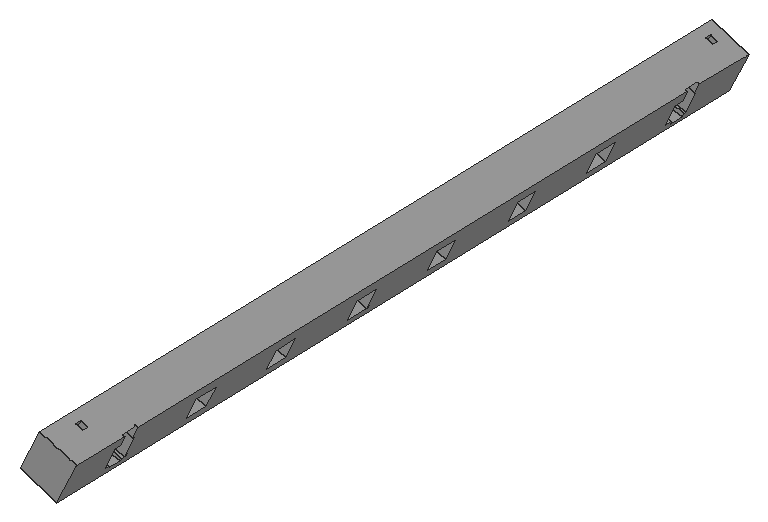
Revit family "凹右003", category 常规模型, Revit 2022
Family settings
  可将钢筋附着到主体 = 否
  圆形连接件大小 = 使用直径
  零件类型 = 标准
  基于工作平面 = 否
  总是垂直 = 是
  加载时剪切的空心 = 否
  保持注释方向 = 否
  共享 = 否
  房间计算点 = 否
Parameters
  默认高程 = 0 mm
Reference planes
  plane 1 "中心(前/后)": y = 0
  plane 2: z = 0
  plane 3 "中心(左/右)": x = 0
Forms (mm)
  Extrusion 1, solid, material "杉木"
    sketch origin (-1246.888, 24172.681, -74.959) x (-0.898794, 0, 0.438371) y (-0.438371, 0, -0.898794)
      loop
        line (-4422.843, 77.157) -> (-4682.843, 77.157) -> (-4682.843, -202.843) -> (-4422.843, -202.843) -> (-4422.843, 77.157)
    from -679.307 to 4650
  Extrusion 2, void
    sketch origin (0, 0, 0) x (1, 0, 0) y (0, 0, 1)
      loop
        line (2876.061, -1860.173) -> (2849.701, -1903.529) -> (2894.27, -1930.628) -> (2923.145, -1883.137) -> (2876.061, -1860.173)
    from -19772.94 to -19732.94
  Extrusion 3, void
    sketch origin (0, 5009.428, 0) x (1, 0, 0) y (0, 0, 1)
      loop
        line (2876.061, -1860.173) -> (2849.701, -1903.529) -> (2894.27, -1930.628) -> (2923.145, -1883.137) -> (2876.061, -1860.173)
    from -19763.2 to -19723.2
  Extrusion 4, void
    sketch origin (0, 0, 0) x (1, 0, 0) y (0, 0, 1)
      loop
        line (2787.749, -1890.196) -> (2739.71, -1988.689) -> (2857.986, -2030.346) -> (2893.993, -1928.114) -> (2787.749, -1890.196)
    from -20070.142 to -19924.175
  Extrusion 5, void
    sketch origin (0, 641.49, 0) x (1, 0, 0) y (0, 0, 1)
      loop
        line (2787.749, -1890.196) -> (2739.71, -1988.689) -> (2857.986, -2030.346) -> (2893.993, -1928.114) -> (2787.749, -1890.196)
    from -20060.669 to -19925.669
  Extrusion 6, void
    sketch origin (0, 1266.49, 0) x (1, 0, 0) y (0, 0, 1)
      loop
        line (2787.749, -1890.196) -> (2739.71, -1988.689) -> (2857.986, -2030.346) -> (2893.993, -1928.114) -> (2787.749, -1890.196)
    from -20053.653 to -19923.653
  Extrusion 7, void
    sketch origin (0, 1896.49, 0) x (1, 0, 0) y (0, 0, 1)
      loop
        line (2787.749, -1890.196) -> (2739.71, -1988.689) -> (2857.986, -2030.346) -> (2893.993, -1928.114) -> (2787.749, -1890.196)
    from -20049.329 to -19921.636
  Extrusion 8, void
    sketch origin (0, 2526.49, 0) x (1, 0, 0) y (0, 0, 1)
      loop
        line (2787.749, -1890.196) -> (2739.71, -1988.689) -> (2857.986, -2030.346) -> (2893.993, -1928.114) -> (2787.749, -1890.196)
    from -20045.647 to -19922.428
  Extrusion 9, void
    sketch origin (0, 3156.49, 0) x (1, 0, 0) y (0, 0, 1)
      loop
        line (2787.749, -1890.196) -> (2739.71, -1988.689) -> (2857.986, -2030.346) -> (2893.993, -1928.114) -> (2787.749, -1890.196)
    from -20039.62 to -19919.62
  Extrusion 10, void
    sketch origin (0, 3776.49, 0) x (1, 0, 0) y (0, 0, 1)
      loop
        line (2787.749, -1890.196) -> (2739.71, -1988.689) -> (2857.986, -2030.346) -> (2893.993, -1928.114) -> (2787.749, -1890.196)
    from -20056.569 to -19926.065
  Extrusion 11, void
    sketch origin (0, 4406.49, 0) x (1, 0, 0) y (0, 0, 1)
      loop
        line (2787.749, -1890.196) -> (2739.71, -1988.689) -> (2857.986, -2030.346) -> (2893.993, -1928.114) -> (2787.749, -1890.196)
    from -20060.058 to -19924.369
  Extrusion 12, void
    sketch origin (0, 0, 0) x (1, 0, 0) y (0, 0, 1)
      loop
        line (3020.48, -2007.968) -> (2944.833, -1971.073) -> (2871.388, -2113.528) -> (2950.238, -2151.985) -> (3020.48, -2007.968)
    from -24485.313 to -24310.313
  Extrusion 13, void
    sketch origin (0, -643.765, 0) x (1, 0, 0) y (0, 0, 1)
      loop
        line (3020.48, -2007.968) -> (2944.833, -1971.073) -> (2871.388, -2113.528) -> (2950.238, -2151.985) -> (3020.48, -2007.968)
    from -24491.447 to -24324.795
  Extrusion 14, void
    sketch origin (0, -1268.765, 0) x (1, 0, 0) y (0, 0, 1)
      loop
        line (3020.48, -2007.968) -> (2944.833, -1971.073) -> (2871.388, -2113.528) -> (2950.238, -2151.985) -> (3020.48, -2007.968)
    from -24483.146 to -24332.371
  Extrusion 15, void
    sketch origin (0, -1908.765, 0) x (1, 0, 0) y (0, 0, 1)
      loop
        line (3020.48, -2007.968) -> (2944.833, -1971.073) -> (2871.388, -2113.528) -> (2950.238, -2151.985) -> (3020.48, -2007.968)
    from -24489.846 to -24329.846
  Extrusion 16, void
    sketch origin (0, -2543.765, 0) x (1, 0, 0) y (0, 0, 1)
      loop
        line (3020.48, -2007.968) -> (2944.833, -1971.073) -> (2871.388, -2113.528) -> (2950.238, -2151.985) -> (3020.48, -2007.968)
    from -24492.734 to -24325.471
  Extrusion 17, void
    sketch origin (0, -3178.765, 0) x (1, 0, 0) y (0, 0, 1)
      loop
        line (3020.48, -2007.968) -> (2944.833, -1971.073) -> (2871.388, -2113.528) -> (2950.238, -2151.985) -> (3020.48, -2007.968)
    from -24490.967 to -24317.357
  Extrusion 18, void
    sketch origin (0, -3818.765, 0) x (1, 0, 0) y (0, 0, 1)
      loop
        line (3020.48, -2007.968) -> (2944.833, -1971.073) -> (2871.388, -2113.528) -> (2950.238, -2151.985) -> (3020.48, -2007.968)
    from -24497.021 to -24327.021
  Extrusion 19, void
    sketch origin (0, -4468.765, 0) x (1, 0, 0) y (0, 0, 1)
      loop
        line (3020.48, -2007.968) -> (2944.833, -1971.073) -> (2871.388, -2113.528) -> (2950.238, -2151.985) -> (3020.48, -2007.968)
    from -24496.956 to -24337.397
  Extrusion 20, void
    sketch origin (0, 0, 0) x (1, 0, 0) y (0, 0, 1)
      loop
        line (3052.281, -1942.727) -> (2920.119, -1904.83) -> (2847.943, -2140.904) -> (2941.65, -2169.553) -> (3052.281, -1942.727)
    from -20010.929 to -19902.759
  Extrusion 21, void
    sketch origin (0, 4465.432, 0) x (1, 0, 0) y (0, 0, 1)
      loop
        line (3052.281, -1942.727) -> (2920.119, -1904.83) -> (2847.943, -2140.904) -> (2941.65, -2169.553) -> (3052.281, -1942.727)
    from -20001.116 to -19901.116
Cuts and joins
  Extrusion 2, Extrusion 3, Extrusion 4, Extrusion 5, Extrusion 6, Extrusion 7, Extrusion 8, Extrusion 9, Extrusion 10, Extrusion 11, Extrusion 12, Extrusion 13, Extrusion 14, Extrusion 15, Extrusion 16, Extrusion 17, Extrusion 18, Extrusion 19, Extrusion 20, Extrusion 21 cuts Extrusion 1
Dimensions and locks
  aligned and locked: level to plane 2
